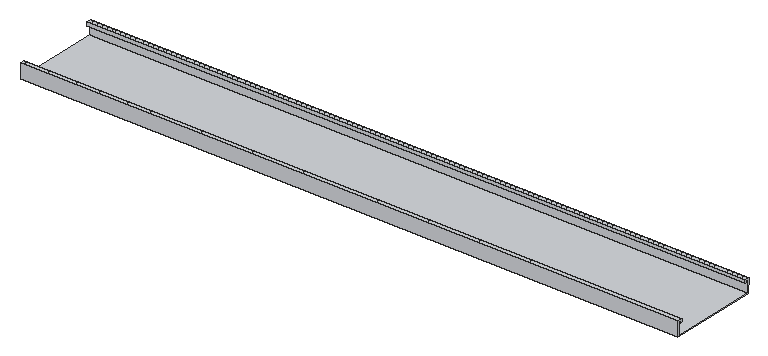
Revit family "TSN JamStud", category Structural Framing, Revit 2026
Family settings
  Section Shape = Not Defined
  Material for Model Behavior = Other
  Always export as geometry = No
  Classification Number = 23.25.30.11.14.14
  Always vertical = Yes
  Cut with Voids When Loaded = No
  Symbolic Representation = From Family
  Shared = No
  Show family pre-cut in plan views = Yes
Parameters (values of type "1600JS250-118, 50ksi")
  d2 = 0' - 0 1/2"
  Version = "2.0"
  URL = "http://www.steelnetwork.com/product.aspx/jamStud"
  T = 0' - 0.124"
  Stud_D = 1' - 0"
  Section_DB = 3
  Manufacturer = "The Steel Network, Inc."
  Length [instance] = 10' - 0"
  D = 1' - 4"
  d1 = 0' - 0.768"
  B = 0' - 2 1/2"
Types (92): name | T | D | d1 | B
  (no name) | 0' - 0 9/128" | 1' - 4" | 0' - 0 81/128" | 0' - 3"
  350JS250-33, 50ksi | 0' - 0.0346" | 0' - 3 1/2" | 0' - 0.5892" | 0' - 2 1/2"
  350JS250-43, 50ksi | 0' - 0.0451" | 0' - 3 1/2" | 0' - 0.6102" | 0' - 2 1/2"
  350JS250-54, 50ksi | 0' - 0.0566" | 0' - 3 1/2" | 0' - 0.6332" | 0' - 2 1/2"
  350JS250-68, 50ksi | 0' - 0.0713" | 0' - 3 1/2" | 0' - 0.6626" | 0' - 2 1/2"
  350JS250-97, 50ksi | 0' - 0.1017" | 0' - 3 1/2" | 0' - 0.7234" | 0' - 2 1/2"
  350JS350-68, 50ksi | 0' - 0.0713" | 0' - 3 1/2" | 0' - 0.6626" | 0' - 3 1/2"
  350JS350-97, 50ksi | 0' - 0.1017" | 0' - 3 1/2" | 0' - 0.7234" | 0' - 3 1/2"
  350JS350-118, 50ksi | 0' - 0.124" | 0' - 3 1/2" | 0' - 0.768" | 0' - 3 1/2"
  362JS250-33, 50ksi | 0' - 0.0346" | 0' - 3 5/8" | 0' - 0.5892" | 0' - 2 1/2"
  362JS250-43, 50ksi | 0' - 0.0451" | 0' - 3 5/8" | 0' - 0.6102" | 0' - 2 1/2"
  362JS250-54, 50ksi | 0' - 0.0566" | 0' - 3 5/8" | 0' - 0.6332" | 0' - 2 1/2"
  362JS250-68, 50ksi | 0' - 0.0713" | 0' - 3 5/8" | 0' - 0.6626" | 0' - 2 1/2"
  362JS250-97, 50ksi | 0' - 0.1017" | 0' - 3 5/8" | 0' - 0.7234" | 0' - 2 1/2"
  362JS350-68, 50ksi | 0' - 0.0713" | 0' - 3 5/8" | 0' - 0.6626" | 0' - 3 1/2"
  362JS350-97, 50ksi | 0' - 0.1017" | 0' - 3 5/8" | 0' - 0.7234" | 0' - 3 1/2"
  362JS350-118, 50ksi | 0' - 0.124" | 0' - 3 5/8" | 0' - 0.768" | 0' - 3 1/2"
  400JS250-33, 50ksi | 0' - 0.0346" | 0' - 4" | 0' - 0.5892" | 0' - 2 1/2"
  400JS250-43, 50ksi | 0' - 0.0451" | 0' - 4" | 0' - 0.6102" | 0' - 2 1/2"
  400JS250-54, 50ksi | 0' - 0.0566" | 0' - 4" | 0' - 0.6332" | 0' - 2 1/2"
  400JS250-68, 50ksi | 0' - 0.0713" | 0' - 4" | 0' - 0.6626" | 0' - 2 1/2"
  400JS250-97, 50ksi | 0' - 0.1017" | 0' - 4" | 0' - 0.7234" | 0' - 2 1/2"
  400JS350-68, 50ksi | 0' - 0.0713" | 0' - 4" | 0' - 0.6626" | 0' - 3 1/2"
  400JS350-97, 50ksi | 0' - 0.1017" | 0' - 4" | 0' - 0.7234" | 0' - 3 1/2"
  400JS350-118, 50ksi | 0' - 0.124" | 0' - 4" | 0' - 0.768" | 0' - 3 1/2"
  550JS250-33, 50ksi | 0' - 0.0346" | 0' - 5 1/2" | 0' - 0.5892" | 0' - 2 1/2"
  550JS250-43, 50ksi | 0' - 0.0451" | 0' - 5 1/2" | 0' - 0.6102" | 0' - 2 1/2"
  550JS250-54, 50ksi | 0' - 0.0566" | 0' - 5 1/2" | 0' - 0.6332" | 0' - 2 1/2"
  550JS250-68, 50ksi | 0' - 0.0713" | 0' - 5 1/2" | 0' - 0.6626" | 0' - 2 1/2"
  550JS250-97, 50ksi | 0' - 0.1017" | 0' - 5 1/2" | 0' - 0.7234" | 0' - 2 1/2"
  550JS250-118, 50ksi | 0' - 0.124" | 0' - 5 1/2" | 0' - 0.768" | 0' - 2 1/2"
  550JS350-68, 50ksi | 0' - 0.0713" | 0' - 5 1/2" | 0' - 0.6626" | 0' - 3 1/2"
  550JS350-97, 50ksi | 0' - 0.1017" | 0' - 5 1/2" | 0' - 0.7234" | 0' - 3 1/2"
  550JS350-118, 50ksi | 0' - 0.124" | 0' - 5 1/2" | 0' - 0.768" | 0' - 3 1/2"
  600JS250-33, 50ksi | 0' - 0.0346" | 0' - 6" | 0' - 0.5892" | 0' - 2 1/2"
  600JS250-43, 50ksi | 0' - 0.0451" | 0' - 6" | 0' - 0.6102" | 0' - 2 1/2"
  600JS250-54, 50ksi | 0' - 0.0566" | 0' - 6" | 0' - 0.6332" | 0' - 2 1/2"
  600JS250-68, 50ksi | 0' - 0.0713" | 0' - 6" | 0' - 0.6626" | 0' - 2 1/2"
  600JS250-97, 50ksi | 0' - 0.1017" | 0' - 6" | 0' - 0.7234" | 0' - 2 1/2"
  600JS250-118, 50ksi | 0' - 0.124" | 0' - 6" | 0' - 0.768" | 0' - 2 1/2"
  600JS350-68, 50ksi | 0' - 0.0713" | 0' - 6" | 0' - 0.6626" | 0' - 3 1/2"
  600JS350-97, 50ksi | 0' - 0.1017" | 0' - 6" | 0' - 0.7234" | 0' - 3 1/2"
  600JS350-118, 50ksi | 0' - 0.124" | 0' - 6" | 0' - 0.768" | 0' - 3 1/2"
  800JS250-43, 50ksi | 0' - 0.0451" | 0' - 8" | 0' - 0.6102" | 0' - 2 1/2"
  800JS250-54, 50ksi | 0' - 0.0566" | 0' - 8" | 0' - 0.6332" | 0' - 2 1/2"
  800JS250-68, 50ksi | 0' - 0.0713" | 0' - 8" | 0' - 0.6626" | 0' - 2 1/2"
  800JS250-97, 50ksi | 0' - 0.1017" | 0' - 8" | 0' - 0.7234" | 0' - 2 1/2"
  800JS250-118, 50ksi | 0' - 0.124" | 0' - 8" | 0' - 0.768" | 0' - 2 1/2"
  800JS300-54, 50ksi | 0' - 0.0566" | 0' - 8" | 0' - 0.6332" | 0' - 3"
  800JS300-68, 50ksi | 0' - 0.0713" | 0' - 8" | 0' - 0.6626" | 0' - 3"
  800JS300-97, 50ksi | 0' - 0.1017" | 0' - 8" | 0' - 0.7234" | 0' - 3"
  800JS300-118, 50ksi | 0' - 0.124" | 0' - 8" | 0' - 0.768" | 0' - 3"
  800JS350-68, 50ksi | 0' - 0.0713" | 0' - 8" | 0' - 0.6626" | 0' - 3 1/2"
  800JS350-97, 50ksi | 0' - 0.1017" | 0' - 8" | 0' - 0.7234" | 0' - 3 1/2"
  800JS350-118, 50ksi | 0' - 0.124" | 0' - 8" | 0' - 0.768" | 0' - 3 1/2"
  1000JS250-43, 50ksi | 0' - 0.0451" | 0' - 10" | 0' - 0.6102" | 0' - 2 1/2"
  1000JS250-54, 50ksi | 0' - 0.0566" | 0' - 10" | 0' - 0.6332" | 0' - 2 1/2"
  1000JS250-68, 50ksi | 0' - 0.0713" | 0' - 10" | 0' - 0.6626" | 0' - 2 1/2"
  1000JS250-97, 50ksi | 0' - 0.1017" | 0' - 10" | 0' - 0.7234" | 0' - 2 1/2"
  1000JS250-118, 50ksi | 0' - 0.124" | 0' - 10" | 0' - 0.768" | 0' - 2 1/2"
  1000JS300-54, 50ksi | 0' - 0.0566" | 0' - 10" | 0' - 0.6332" | 0' - 3"
  1000JS300-68, 50ksi | 0' - 0.0713" | 0' - 10" | 0' - 0.6626" | 0' - 3"
  1000JS300-97, 50ksi | 0' - 0.1017" | 0' - 10" | 0' - 0.7234" | 0' - 3"
  1000JS300-118, 50ksi | 0' - 0.124" | 0' - 10" | 0' - 0.768" | 0' - 3"
  1000JS350-68, 50ksi | 0' - 0.0713" | 0' - 10" | 0' - 0.6626" | 0' - 3 1/2"
  1000JS350-97, 50ksi | 0' - 0.1017" | 0' - 10" | 0' - 0.7234" | 0' - 3 1/2"
  1000JS350-118, 50ksi | 0' - 0.124" | 0' - 10" | 0' - 0.768" | 0' - 3 1/2"
  1200JS250-54, 50ksi | 0' - 0.0566" | 1' - 0" | 0' - 0.6332" | 0' - 2 1/2"
  1200JS250-68, 50ksi | 0' - 0.0713" | 1' - 0" | 0' - 0.6626" | 0' - 2 1/2"
  1200JS250-97, 50ksi | 0' - 0.1017" | 1' - 0" | 0' - 0.7234" | 0' - 2 1/2"
  1200JS250-118, 50ksi | 0' - 0.124" | 1' - 0" | 0' - 0.768" | 0' - 2 1/2"
  1200JS300-54, 50ksi | 0' - 0.0566" | 1' - 0" | 0' - 0.6332" | 0' - 3"
  1200JS300-68, 50ksi | 0' - 0.0713" | 1' - 0" | 0' - 0.6626" | 0' - 3"
  1200JS300-97, 50ksi | 0' - 0.1017" | 1' - 0" | 0' - 0.7234" | 0' - 3"
  1200JS300-118, 50ksi | 0' - 0.124" | 1' - 0" | 0' - 0.768" | 0' - 3"
  1200JS350-68, 50ksi | 0' - 0.0713" | 1' - 0" | 0' - 0.6626" | 0' - 3 1/2"
  1200JS350-97, 50ksi | 0' - 0.1017" | 1' - 0" | 0' - 0.7234" | 0' - 3 1/2"
  1200JS350-118, 50ksi | 0' - 0.124" | 1' - 0" | 0' - 0.768" | 0' - 3 1/2"
  1400JS250-54, 50ksi | 0' - 0.0566" | 1' - 2" | 0' - 0.6332" | 0' - 2 1/2"
  1400JS250-68, 50ksi | 0' - 0.0713" | 1' - 2" | 0' - 0.6626" | 0' - 2 1/2"
  1400JS250-97, 50ksi | 0' - 0.1017" | 1' - 2" | 0' - 0.7234" | 0' - 2 1/2"
  1400JS250-118, 50ksi | 0' - 0.124" | 1' - 2" | 0' - 0.768" | 0' - 2 1/2"
  1400JS300-54, 50ksi | 0' - 0.0566" | 1' - 2" | 0' - 0.6332" | 0' - 3"
  1400JS300-68, 50ksi | 0' - 0.0713" | 1' - 2" | 0' - 0.6626" | 0' - 3"
  1400JS300-97, 50ksi | 0' - 0.1017" | 1' - 2" | 0' - 0.7234" | 0' - 3"
  1400JS300-118, 50ksi | 0' - 0.124" | 1' - 2" | 0' - 0.768" | 0' - 3"
  1400JS350-68, 50ksi | 0' - 0.0713" | 1' - 2" | 0' - 0.6626" | 0' - 3 1/2"
  1400JS350-97, 50ksi | 0' - 0.1017" | 1' - 2" | 0' - 0.7234" | 0' - 3 1/2"
  1400JS350-118, 50ksi | 0' - 0.124" | 1' - 2" | 0' - 0.768" | 0' - 3 1/2"
  1600JS250-68, 50ksi | 0' - 0.0713" | 1' - 4" | 0' - 0.6626" | 0' - 2 1/2"
  1600JS250-97, 50ksi | 0' - 0.1017" | 1' - 4" | 0' - 0.7234" | 0' - 2 1/2"
  1600JS250-118, 50ksi | 0' - 0.124" | 1' - 4" | 0' - 0.768" | 0' - 2 1/2"
Reference planes (in)
  plane 1 "Center (Front/Back)": y = 0
  plane 2 "Center El.": z = 0
  plane 3 "Center (Left/Right)": x = 0
  plane 4 "Left": x = -60
  plane 5 "Right": x = 60
  plane 6: z = 0
  plane 7: z = 2.5
  plane 8: y = -8
  plane 9: y = 8
  plane 10: y = -7.232
  plane 11: y = 7.232
Forms (in)
  Extrusion 1, solid
    sketch origin (60, 0, 0) x (0, -1, 0) y (0, 0, 1)
      loop
        line (8, 2.5) -> (7.232, 2.5) -> (7.232, 2) -> (7.356, 2) -> (7.356, 2.376) -> (7.876, 2.376) -> (7.876, 0.124) -> (-7.876, 0.124) -> (-7.876, 2.376) -> (-7.356, 2.376) -> (-7.356, 2) -> (-7.232, 2) -> (-7.232, 2.5) -> (-8, 2.5) -> (-8, 0) -> (8, 0) -> (8, 2.5)
    from 0 to 120
Lines and regions (in)
  model lines, style "Stick Symbols", detail levels coarse
    curve 1: line (-60, 0, 0) -> (60, 0, 0)
Dimensions and locks (in)
  equal spacing: plane 4 "Left", plane 3 "Center (Left/Right)", plane 5 "Right"
  "Length": plane 4 "Left" to plane 5 "Right"
  equal spacing: plane 8, plane 1 "Center (Front/Back)", plane 9
  "D": plane 8 to plane 9
  "B": plane 7 to plane 6
  "T": Extrusion 1 to plane 6
  "T": plane 8 to Extrusion 1
  "T": Extrusion 1 to plane 9
  "d1": plane 8 to plane 10
  "d1": plane 11 to plane 9
  "T": Extrusion 1 to Extrusion 1  (x4)
  "d2": Extrusion 1 to Extrusion 1  (x2)
  aligned and locked: plane 1 "Center (Front/Back)" to curve 1
  aligned and locked: Extrusion 1 to plane 6
  aligned and locked: plane 9 to Extrusion 1
  aligned and locked: Extrusion 1 to plane 8
  aligned and locked: Extrusion 1 to plane 5 "Right"
  aligned and locked: plane 4 "Left" to Extrusion 1
  aligned: plane 10 to Extrusion 1
  aligned: plane 11 to Extrusion 1
  aligned and locked: plane 10 to Extrusion 1
  aligned and locked: plane 11 to Extrusion 1
Automatic sketch dimensions
  curve 1 to plane 4 "Left" = 0' - 0"
  curve 1 to plane 5 "Right" = 0' - 0"
  Extrusion 1 sketch curve to plane 7 = 0' - 0"  (x2)
  Extrusion 1 sketch curve to plane 9 = 0' - 0"
  Extrusion 1 sketch curve to plane 11 = 0' - 0"
  Extrusion 1 sketch curve to plane 10 = 0' - 0"
  Extrusion 1 sketch curve to plane 8 = 0' - 0"
  Extrusion 1 sketch curve to level = 0' - 0"
  Extrusion 1 sketch curve to plane 9 = 0' - 0.124"
  Extrusion 1 sketch curve to Extrusion 1 sketch curve = 0' - 0.124"
  Extrusion 1 sketch curve to plane 10 = 0' - 0.124"
  plane 8 to Extrusion 1 sketch curve = 0' - 0.124"
  level to Extrusion 1 sketch curve = 0' - 0.124"
  Extrusion 1 sketch curve to plane 7 = 0' - 0 1/2"  (x2)
  Extrusion 1 sketch curve to plane 7 = 0' - 0.124"  (x2)
